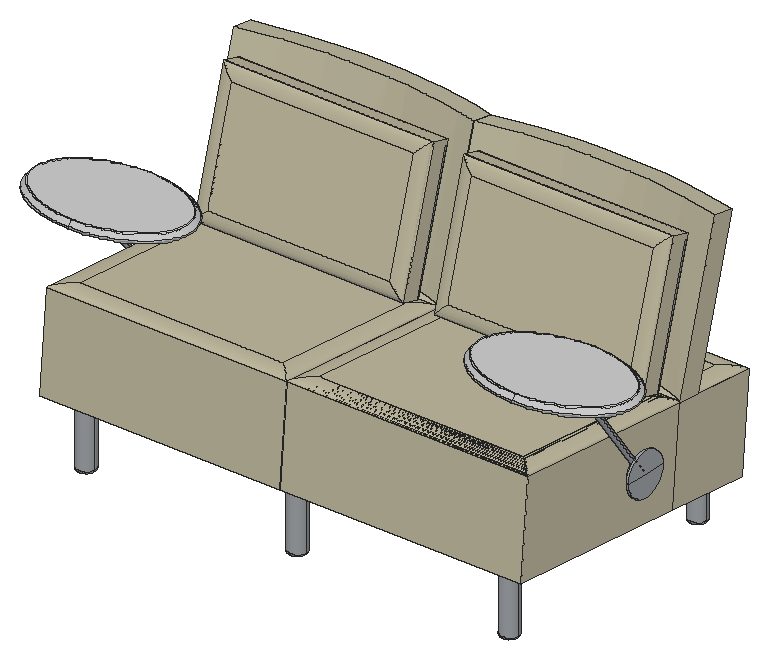
Revit family
Parameters
  URL = "http://www.martinbrattrud.com"
  Table Top [instance] = none
  SCS Certified Product = "Yes"
  Model = "Stonehenge 915-56T"
  Manufacturer = "Martin Brattrud, Inc."
  Leg [instance] = none
  Keynote = "125000"
  Copyright = "© 2013 Martin Brattrud, Inc."
  Chair [instance] = none
  Back Cushion [instance] = none
  Authoring Version = "Revit Architecture 2010"
  Assembly Code = "E2020200"
Reference planes (in)
  plane 1 "Center Front/Back": y = 0
  plane 2: z = 0
  plane 3: x = 13.47209
  plane 4: x = 79.18903
Forms (in)
  Extrusion 1, solid, material <- "Chair"
    sketch origin (0, 0.52946, 5.84845) x (0, -0.995927, 0.090161) y (-1, 0, 0)
      loop
        line (-14.83695, -13.47209) -> (-5.2106, -13.47209) -> (-5.2106, 13.47209) -> (-14.83695, 13.47209) -> (-14.83695, -13.47209)
    from -10.4513 to -0.00014
  Extrusion 2, solid, material <- "Chair"
    sketch origin (0, 10.90822, 4.90887) x (0, 0.995927, -0.090161) y (1, 0, 0)
      loop
        line (-26.7106, 13.47209) -> (-26.7106, -13.47209) -> (-5.2106, -13.47209) -> (-5.2106, 13.47209) -> (-26.7106, 13.47209)
    from -10.4513 to 0.00024
  Sweep 3, solid, material <- "Chair"
    path in 3D
      loop
        line (13.47209, -14.7513, 17.72585) -> (13.47209, 6.66113, 15.7874) -> (-13.47209, 6.66113, 15.7874) -> (-13.47209, -14.7513, 17.72585) -> (13.47209, -14.7513, 17.72585)
    profile origin (0, -14.7513, 17.72585) x (0, 0.995927, -0.090161) y (0, 0.090161, 0.995927)
      loop
        line (2.03125, 0) -> (2.03125, 0.52839)
        spline (2.03125, 0.52839) -> (1.7702, 0.52387) -> (1.51361, 0.51039) -> (1.26588, 0.48817) -> (1.03125, 0.4576) -> (0.81373, 0.4192) -> (0.61704, 0.37363) -> (0.44454, 0.32166) -> (0.2992, 0.2642) -> (0.18349, 0.20221) -> (0.0994, 0.13676) -> (0.04836, 0.06897) -> (0.03125, 0)
        line (0.03125, 0) -> (2.03125, 0)
  Extrusion 4, solid, material <- "Chair"
    sketch origin (0, 0, 0) x (0, 1, 0) y (0, 0, 1)
      loop
        line (4.68579, 16.49677) -> (-12.68069, 18.06895) -> (-12.72833, 17.54271) -> (4.63815, 15.97053) -> (4.68579, 16.49677)
    from -11.44084 to 11.44084
  Sweep 5, solid, material <- "Chair"
    path in 3D
      loop
        line (-13.47209, 16.24828, 14.91948) -> (-13.47209, 6.66113, 15.7874) -> (13.47209, 6.66113, 15.7874) -> (13.47209, 16.24828, 14.91948) -> (-13.47209, 16.24828, 14.91948)
    profile origin (0, 16.24828, 14.91948) x (0, -0.995927, 0.090161) y (0, 0.090161, 0.995927)
      loop
        line (2.03125, 0) -> (2.03125, 0.45358)
        spline (2.03125, 0.45358) -> (1.7702, 0.4497) -> (1.51361, 0.43812) -> (1.26588, 0.41905) -> (1.03125, 0.39281) -> (0.81373, 0.35985) -> (0.61704, 0.32073) -> (0.44454, 0.27612) -> (0.2992, 0.22679) -> (0.18349, 0.17358) -> (0.0994, 0.11739) -> (0.04836, 0.0592) -> (0.03125, 0)
        line (0.03125, 0) -> (2.03125, 0)
  Extrusion 6, solid, material <- "Chair"
    sketch origin (0, 0, 0) x (0, 1, 0) y (0, 0, 1)
      loop
        line (9.98768, 30.76355) -> (8.06607, 31.31925) -> (3.89659, 16.90046) -> (5.81732, 16.34476) -> (9.98768, 30.76355)
    from -11.75 to 11.75
  Sweep 7, solid, material <- "Chair"
    path in 3D
      loop
        line (-11.75, 8.06607, 31.31925) -> (-11.75, 3.89659, 16.90046) -> (11.75, 3.89659, 16.90046) -> (11.75, 8.06607, 31.31925) -> (-11.75, 8.06607, 31.31925)
    profile origin (0, 8.06607, 31.31925) x (0, -0.277789, -0.960642) y (0, -0.960642, 0.277789)
      loop
        line (0.03125, 0) -> (1.53125, 0) -> (1.53125, 0.46962)
        spline (1.53125, 0.46962) -> (1.33546, 0.4656) -> (1.14302, 0.45362) -> (0.95722, 0.43387) -> (0.78125, 0.4067) -> (0.61811, 0.37258) -> (0.47059, 0.33207) -> (0.34122, 0.28589) -> (0.23221, 0.23481) -> (0.14543, 0.17972) -> (0.08236, 0.12155) -> (0.04408, 0.0613) -> (0.03125, 0)
  Extrusion 8, solid, material <- "Chair"
    sketch origin (0, 0, 0) x (0, 1, 0) y (0, 0, 1)
      loop
        line (7.64071, 29.84827) -> (7.18957, 29.97873) -> (3.87082, 18.5019) -> (4.32195, 18.37145) -> (7.64071, 29.84827)
    from -10.21875 to 10.21875
  Extrusion 9, solid, material <- "Back Cushion"
    sketch origin (0, 9.59309, 33.0573) x (0, -0.960379, 0.278698) y (-1, 0, 0)
      loop
        line (-4.43095, -13.47209) -> (-2.03001, -13.47209)
        spline (-2.03001, -13.47209) -> (-2.63308, -11.28001) -> (-3.12847, -9.05886) -> (-3.51491, -6.8144) -> (-3.79139, -4.55239) -> (-3.9572, -2.27868) -> (-4.01191, 0.00086) -> (-3.95539, 2.28035) -> (-3.78777, 4.55391) -> (-3.50949, 6.81568) -> (-3.12128, 9.05981) -> (-2.62412, 11.28053) -> (-2.01931, 13.47209)
        line (-2.01931, 13.47209) -> (-4.42025, 13.47209)
        spline (-4.42025, 13.47209) -> (-5.02507, 11.28053) -> (-5.52222, 9.05981) -> (-5.91044, 6.81568) -> (-6.18872, 4.55391) -> (-6.35633, 2.28035) -> (-6.41286, 0.00086) -> (-6.35814, -2.27868) -> (-6.19233, -4.55239) -> (-5.91585, -6.8144) -> (-5.52942, -9.05886) -> (-5.03403, -11.28001) -> (-4.43095, -13.47209)
    from -2.42207 to 17.57683
  Extrusion 10, void
    sketch origin (0, 0, 0) x (0, 1, 0) y (0, 0, 1)
      loop
        line (16.47346, 31.64061) -> (16.894, 34.06774) -> (11.72108, 34.96404) -> (11.30054, 32.5369) -> (16.47346, 31.64061)
      loop
        line (6.40792, 15.81305) -> (6.22512, 13.81373) -> (12.28534, 13.25965) -> (12.46814, 15.25896) -> (6.40792, 15.81305)
    from -15.22442 to 43.30902
  Extrusion 11, solid, material <- "Leg"
    sketch origin (0, 0, 0) x (1, 0, 0) y (0, 1, 0)
      loop
        circle (-10.25, -13.20254) r 1
      loop
        circle (37.30583, -13.20254) r 1
      loop
        circle (13.47209, -13.20254) r 1
    from 0.25 to 7.25
  Revolve 12, solid, material <- "Leg"
    sketch origin (-10.25, 0, 0) x (0, 1, 0) y (0, 0, 1)
      loop
        line (-12.20254, 0.25) -> (-13.20254, 0.25) -> (-13.20254, 0) -> (-12.45254, 0)
        arc (-12.45254, 0) -> (-12.27577, 0.07322) -> (-12.20254, 0.25) r 0.25
      axis (-13.20254, 0) -> (-13.20254, 0.25)
    angle from 0 to 360
  Revolve 13, solid, material <- "Leg"
    sketch origin (-10.25, 0, 0) x (0, -1, 0) y (0, 0, -1)
      loop
        arc (-12.20254, -0.25) -> (-12.27577, -0.07322) -> (-12.45254, 0) r 0.25
        line (-12.45254, 0) -> (-13.20254, 0) -> (-13.20254, -0.25) -> (-12.20254, -0.25)
      axis (-13.20254, 0) -> (-13.20254, -0.25)
    angle from 0 to 360
  Extrusion 14, solid, material <- "Leg"
    sketch origin (0, 0, 0) x (1, 0, 0) y (0, 1, 0)
      loop
        circle (-10.25, 13.20254) r 1
      loop
        circle (37.30583, 13.20254) r 1
      loop
        circle (13.47209, 13.20254) r 1
    from 0.25 to 4.90693
  Sweep 15, solid, material <- "Chair"
    path in 3D
      loop
        line (11.44084, 8.725, 16.05599) -> (11.44084, 8.68411, 15.60426)
    profile origin (11.44084, 8.70456, 15.83012) x (0, -0.995927, 0.090161) y (-1, 0, 0)
      loop
        line (0, 22.88167) -> (-5.56385, 22.88167) -> (-5.56385, 0) -> (0, 0) -> (0, 22.88167)
  Sweep 16, solid, material <- "Chair"
    path in 3D
      loop
        line (-10.21875, 7.18957, 29.97873) -> (-10.21875, 7.64071, 29.84827)
    profile origin (-10.21875, 7.41514, 29.9135) x (0, -0.277789, -0.960642) y (-1, 0, 0)
      loop
        line (0, 0) -> (0, -20.4375) -> (11.94703, -20.4375) -> (11.94703, 0) -> (0, 0)
  Sweep 17, solid, material <- "Chair"
    path in 3D
      loop
        line (-11.75, 9.98768, 30.76355) -> (-11.75, 5.81771, 16.3449) -> (11.75, 5.81771, 16.3449) -> (11.75, 9.98768, 30.76355) -> (-11.75, 9.98768, 30.76355)
    profile origin (0, 9.98768, 30.76355) x (0, 0.277821, 0.960633) y (0, 0.960633, -0.277821)
      loop
        spline (-0.03125, 0) -> (-0.04408, 0.0613) -> (-0.08236, 0.12155) -> (-0.14543, 0.17972) -> (-0.23221, 0.23481) -> (-0.34122, 0.28589) -> (-0.47059, 0.33207) -> (-0.61811, 0.37258) -> (-0.78125, 0.4067) -> (-0.95722, 0.43387) -> (-1.14302, 0.45362) -> (-1.33546, 0.4656) -> (-1.53125, 0.46962)
        line (-1.53125, 0.46962) -> (-1.53125, 0) -> (-0.03125, 0)
  Extrusion 18, solid, material <- "Chair"
    sketch origin (0, 0.0924, -0.02672) x (0, -0.845649, 0.53374) y (0, -0.53374, -0.845649)
      loop
        line (7.64071, -29.84827) -> (4.32195, -18.37145) -> (3.87082, -18.5019) -> (7.18957, -29.97873) -> (7.64071, -29.84827)
    from -10.21875 to 10.21875
  Sweep 19, solid, material <- "Chair"
    path in 3D
      loop
        line (-10.21875, 9.56227, 29.29258) -> (-10.21875, 10.0134, 29.16211)
    profile origin (-10.21875, 9.78783, 29.22734) x (0, -0.277821, -0.960633) y (-1, 0, 0)
      loop
        line (0, 0) -> (0, -20.4375) -> (11.94703, -20.4375) -> (11.94703, 0) -> (0, 0)
  Extrusion 20, solid, material <- "Back Cushion"
    sketch origin (26.94417, 9.59309, 33.0573) x (0, -0.960379, 0.278698) y (-1, 0, 0)
      loop
        line (-4.39712, -13.58374) -> (-1.99617, -13.58374)
        spline (-1.99617, -13.58374) -> (-2.6071, -11.38386) -> (-3.1095, -9.15441) -> (-3.50206, -6.90118) -> (-3.78375, -4.63004) -> (-3.95384, -2.34689) -> (-4.0119, -0.05768) -> (-3.95776, 2.23163) -> (-3.79157, 4.51509) -> (-3.51376, 6.78675) -> (-3.12506, 9.0407) -> (-2.62648, 11.27108) -> (-2.01931, 13.47209)
        line (-2.01931, 13.47209) -> (-4.42025, 13.47209)
        spline (-4.42025, 13.47209) -> (-5.02742, 11.27108) -> (-5.52601, 9.0407) -> (-5.91471, 6.78675) -> (-6.19252, 4.51509) -> (-6.35871, 2.23163) -> (-6.41284, -0.05768) -> (-6.35479, -2.34689) -> (-6.1847, -4.63004) -> (-5.90301, -6.90118) -> (-5.51045, -9.15441) -> (-5.00805, -11.38386) -> (-4.39712, -13.58374)
    from -2.42207 to 17.57683
  Extrusion 21, solid, material <- "Chair"
    sketch origin (26.94417, 10.90822, 4.90887) x (0, 0.995927, -0.090161) y (1, 0, 0)
      loop
        line (-26.7106, 13.58374) -> (-26.7106, -13.47209) -> (-5.2106, -13.47209) -> (-5.2106, 13.58374) -> (-26.7106, 13.58374)
    from -10.4513 to 0.00024
  Extrusion 22, solid, material <- "Chair"
    sketch origin (26.94417, 0.52946, 5.84845) x (0, -0.995927, 0.090161) y (-1, 0, 0)
      loop
        line (-14.83695, -13.58374) -> (-5.2106, -13.58374) -> (-5.2106, 13.47209) -> (-14.83695, 13.47209) -> (-14.83695, -13.58374)
    from -10.4513 to -0.00014
  Sweep 23, solid, material <- "Chair"
    path in 3D
      loop
        line (40.52791, -14.7513, 17.72585) -> (40.52791, 6.66113, 15.7874) -> (13.47209, 6.66113, 15.7874) -> (13.47209, -14.7513, 17.72585) -> (40.52791, -14.7513, 17.72585)
    profile origin (27, -14.7513, 17.72585) x (0, 0.995927, -0.090161) y (0, 0.090161, 0.995927)
      loop
        line (2.03125, 0) -> (2.03125, 0.52839)
        spline (2.03125, 0.52839) -> (1.7702, 0.52387) -> (1.51361, 0.51039) -> (1.26588, 0.48817) -> (1.03125, 0.4576) -> (0.81373, 0.4192) -> (0.61704, 0.37363) -> (0.44454, 0.32166) -> (0.2992, 0.2642) -> (0.18349, 0.20221) -> (0.0994, 0.13676) -> (0.04836, 0.06897) -> (0.03125, 0)
        line (0.03125, 0) -> (2.03125, 0)
  Extrusion 24, solid, material <- "Chair"
    sketch origin (26.94417, 0, 0) x (0, 1, 0) y (0, 0, 1)
      loop
        line (4.68579, 16.49677) -> (-12.68069, 18.06895) -> (-12.72833, 17.54271) -> (4.63815, 15.97053) -> (4.68579, 16.49677)
    from -11.44084 to 11.55249
  Sweep 25, solid, material <- "Chair"
    path in 3D
      loop
        line (13.47209, 16.24828, 14.91948) -> (13.47209, 6.66113, 15.7874) -> (40.52807, 6.66113, 15.7874) -> (40.52807, 16.24828, 14.91948) -> (13.47209, 16.24828, 14.91948)
    profile origin (27.00008, 16.24828, 14.91948) x (0, -0.995927, 0.090161) y (0, 0.090161, 0.995927)
      loop
        line (2.03125, 0) -> (2.03125, 0.45358)
        spline (2.03125, 0.45358) -> (1.7702, 0.4497) -> (1.51361, 0.43812) -> (1.26588, 0.41905) -> (1.03125, 0.39281) -> (0.81373, 0.35985) -> (0.61704, 0.32073) -> (0.44454, 0.27612) -> (0.2992, 0.22679) -> (0.18349, 0.17358) -> (0.0994, 0.11739) -> (0.04836, 0.0592) -> (0.03125, 0)
        line (0.03125, 0) -> (2.03125, 0)
  Sweep 26, solid, material <- "Chair"
    path in 3D
      loop
        line (38.49682, 8.725, 16.05599) -> (38.49682, 8.68411, 15.60426)
    profile origin (38.49682, 8.70456, 15.83012) x (0, -0.995927, 0.090161) y (-1, 0, 0)
      loop
        line (0, 22.99348) -> (-5.56385, 22.99348) -> (-5.56385, 0) -> (0, 0) -> (0, 22.99348)
  Sweep 27, solid, material <- "Chair"
    path in 3D
      loop
        line (40.41626, -14.7513, 17.72585) -> (40.41626, 6.66113, 15.7874) -> (13.47209, 6.66113, 15.7874) -> (13.47209, -14.7513, 17.72585) -> (40.41626, -14.7513, 17.72585)
    profile origin (26.94417, -14.7513, 17.72585) x (0, 0.995927, -0.090161) y (0, 0.090161, 0.995927)
      loop
        line (2.03125, 0) -> (2.03125, 0.52839)
        spline (2.03125, 0.52839) -> (1.7702, 0.52387) -> (1.51361, 0.51039) -> (1.26588, 0.48817) -> (1.03125, 0.4576) -> (0.81373, 0.4192) -> (0.61704, 0.37363) -> (0.44454, 0.32166) -> (0.2992, 0.2642) -> (0.18349, 0.20221) -> (0.0994, 0.13676) -> (0.04836, 0.06897) -> (0.03125, 0)
        line (0.03125, 0) -> (2.03125, 0)
  Extrusion 28, solid, material <- "Chair"
    sketch origin (26.94417, 0, 0) x (0, 1, 0) y (0, 0, 1)
      loop
        line (4.68579, 16.49677) -> (-12.68069, 18.06895) -> (-12.72833, 17.54271) -> (4.63815, 15.97053) -> (4.68579, 16.49677)
    from -11.44084 to 11.44084
  Extrusion 29, solid, material <- "Chair"
    sketch origin (26.94417, 0, 0) x (0, 1, 0) y (0, 0, 1)
      loop
        line (9.98768, 30.76355) -> (8.06607, 31.31925) -> (3.89659, 16.90046) -> (5.81732, 16.34476) -> (9.98768, 30.76355)
    from -11.75 to 11.75
  Sweep 30, solid, material <- "Chair"
    path in 3D
      loop
        line (15.19417, 8.06607, 31.31925) -> (15.19417, 3.89659, 16.90046) -> (38.69417, 3.89659, 16.90046) -> (38.69417, 8.06607, 31.31925) -> (15.19417, 8.06607, 31.31925)
    profile origin (26.94417, 8.06607, 31.31925) x (0, -0.277789, -0.960642) y (0, -0.960642, 0.277789)
      loop
        line (0.03125, 0) -> (1.53125, 0) -> (1.53125, 0.46962)
        spline (1.53125, 0.46962) -> (1.33546, 0.4656) -> (1.14302, 0.45362) -> (0.95722, 0.43387) -> (0.78125, 0.4067) -> (0.61811, 0.37258) -> (0.47059, 0.33207) -> (0.34122, 0.28589) -> (0.23221, 0.23481) -> (0.14543, 0.17972) -> (0.08236, 0.12155) -> (0.04408, 0.0613) -> (0.03125, 0)
  Extrusion 31, solid, material <- "Chair"
    sketch origin (26.94417, 0, 0) x (0, 1, 0) y (0, 0, 1)
      loop
        line (7.64071, 29.84827) -> (7.18957, 29.97873) -> (3.87082, 18.5019) -> (4.32195, 18.37145) -> (7.64071, 29.84827)
    from -10.21875 to 10.21875
  Extrusion 32, solid, material <- "Back Cushion"
    sketch origin (26.94417, 9.59309, 33.0573) x (0, -0.960379, 0.278698) y (-1, 0, 0)
      loop
        line (-4.39712, -13.58374) -> (-1.99617, -13.58374)
        spline (-1.99617, -13.58374) -> (-2.6071, -11.38386) -> (-3.1095, -9.15441) -> (-3.50206, -6.90118) -> (-3.78375, -4.63004) -> (-3.95384, -2.34689) -> (-4.0119, -0.05768) -> (-3.95776, 2.23163) -> (-3.79157, 4.51509) -> (-3.51376, 6.78675) -> (-3.12506, 9.0407) -> (-2.62648, 11.27108) -> (-2.01931, 13.47209)
        line (-2.01931, 13.47209) -> (-4.42025, 13.47209)
        spline (-4.42025, 13.47209) -> (-5.02742, 11.27108) -> (-5.52601, 9.0407) -> (-5.91471, 6.78675) -> (-6.19252, 4.51509) -> (-6.35871, 2.23163) -> (-6.41284, -0.05768) -> (-6.35479, -2.34689) -> (-6.1847, -4.63004) -> (-5.90301, -6.90118) -> (-5.51045, -9.15441) -> (-5.00805, -11.38386) -> (-4.39712, -13.58374)
    from -2.42207 to 17.57683
  Sweep 33, solid, material <- "Chair"
    path in 3D
      loop
        line (15.19417, 9.98768, 30.76355) -> (15.19417, 5.81771, 16.3449) -> (38.69417, 5.81771, 16.3449) -> (38.69417, 9.98768, 30.76355) -> (15.19417, 9.98768, 30.76355)
    profile origin (26.94417, 9.98768, 30.76355) x (0, 0.277821, 0.960633) y (0, 0.960633, -0.277821)
      loop
        spline (-0.03125, 0) -> (-0.04408, 0.0613) -> (-0.08236, 0.12155) -> (-0.14543, 0.17972) -> (-0.23221, 0.23481) -> (-0.34122, 0.28589) -> (-0.47059, 0.33207) -> (-0.61811, 0.37258) -> (-0.78125, 0.4067) -> (-0.95722, 0.43387) -> (-1.14302, 0.45362) -> (-1.33546, 0.4656) -> (-1.53125, 0.46962)
        line (-1.53125, 0.46962) -> (-1.53125, 0) -> (-0.03125, 0)
  Extrusion 34, solid, material <- "Chair"
    sketch origin (26.94417, 0.0924, -0.02672) x (0, -0.845649, 0.53374) y (0, -0.53374, -0.845649)
      loop
        line (7.64071, -29.84827) -> (4.32195, -18.37145) -> (3.87082, -18.5019) -> (7.18957, -29.97873) -> (7.64071, -29.84827)
    from -10.21875 to 10.21875
  Sweep 35, solid, material <- "Chair"
    path in 3D
      loop
        line (16.72542, 9.56227, 29.29258) -> (16.72542, 10.0134, 29.16211)
    profile origin (16.72542, 9.78783, 29.22734) x (0, -0.277821, -0.960633) y (-1, 0, 0)
      loop
        line (0, 0) -> (0, -20.4375) -> (11.94703, -20.4375) -> (11.94703, 0) -> (0, 0)
  Sweep 36, solid, material <- "Leg"
    path in 3D
      loop
        line (-13.80104, 1.0919, 11.15112) -> (-13.80104, -8.45961, 24.29765)
    profile origin (-13.80104, -3.68385, 17.72438) x (-1, 0, 0) y (0, -0.809017, -0.587785)
      loop
        circle (0, 0) r 0.27955
  Extrusion 37, solid, material <- "Leg"
    sketch origin (0, 0, 0) x (1, 0, 0) y (0, 1, 0)
      loop
        circle (-13.80104, -8.22748) r 2
    from 24.00353 to 24.12853
  Revolve 38, solid, material <- "Leg"
    sketch origin (0, 0, 11.375) x (-1, 0, 0) y (0, 1, 0)
      loop
        line (14.38, -1.5074) -> (14.38, 0.8676) -> (13.47209, 0.8676) -> (13.47209, -1.0074) -> (14.13, -1.0074) -> (14.13, -1.5074) -> (14.38, -1.5074)
      axis (13.47209, 0.8676) -> (14.38, 0.8676)
    angle from 0 to 360
  Sweep 39, solid, material <- "Table Top"
    path in 3D
      loop
        spline (-11.44171, -2.24315, 24.12853) -> (-9.11234, -2.4476, 24.12853) -> (-6.94171, -3.047, 24.12853) -> (-5.07775, -4.00051, 24.12853) -> (-3.64748, -5.24315, 24.12853) -> (-2.74838, -6.69024, 24.12853) -> (-2.44171, -8.24315, 24.12853) -> (-2.74838, -9.79606, 24.12853) -> (-3.64748, -11.24315, 24.12853) -> (-5.07775, -12.48579, 24.12853) -> (-6.94171, -13.4393, 24.12853) -> (-9.11234, -14.03871, 24.12853) -> (-11.44171, -14.24315, 24.12853)
        spline (-11.44171, -14.24315, 24.12853) -> (-13.77108, -14.03871, 24.12853) -> (-15.94171, -13.4393, 24.12853) -> (-17.80567, -12.48579, 24.12853) -> (-19.23594, -11.24315, 24.12853) -> (-20.13504, -9.79606, 24.12853) -> (-20.44171, -8.24315, 24.12853) -> (-20.13504, -6.69024, 24.12853) -> (-19.23594, -5.24315, 24.12853) -> (-17.80567, -4.00051, 24.12853) -> (-15.94171, -3.047, 24.12853) -> (-13.77108, -2.4476, 24.12853) -> (-11.44171, -2.24315, 24.12853)
    profile origin (-20.44171, -8.24315, 24.12853) x (-1, 0, 0) y (0, 0, 1)
      loop
        line (-2.02252, 0.75) -> (-2.02252, 0) -> (-0.14497, 0)
        arc (-0.14497, 0) -> (-0.03102, 0.07363) -> (-0.05131, 0.20778) r 0.125
        line (-0.05131, 0.20778) -> (-0.49321, 0.70778)
        arc (-0.49321, 0.70778) -> (-0.5355, 0.73896) -> (-0.58687, 0.75) r 0.125
        line (-0.58687, 0.75) -> (-2.02252, 0.75)
  Extrusion 40, solid, material <- "Table Top"
    sketch origin (-19.66919, 5.55789, 0) x (0, 1, 0) y (-1, 0, 0)
      loop
        spline (-17.77853, -8.22748) -> (-17.60557, -10.20118) -> (-17.10964, -12.00095) -> (-16.36085, -13.46955) -> (-15.47705, -14.49272) -> (-14.59987, -15.04411) -> (-13.80104, -15.20497) -> (-13.00222, -15.04411) -> (-12.12504, -14.49272) -> (-11.24124, -13.46955) -> (-10.49245, -12.00095) -> (-9.99652, -10.20118) -> (-9.82356, -8.22748)
        spline (-9.82356, -8.22748) -> (-9.99652, -6.25378) -> (-10.49245, -4.45401) -> (-11.24124, -2.98541) -> (-12.12504, -1.96224) -> (-13.00222, -1.41085) -> (-13.80104, -1.25) -> (-14.59987, -1.41085) -> (-15.47705, -1.96224) -> (-16.36085, -2.98541) -> (-17.10964, -4.45401) -> (-17.60557, -6.25378) -> (-17.77853, -8.22748)
    from 24.12853 to 24.87853
  Sweep 41, solid, material <- "Leg"
    path in 3D
      loop
        line (40.74522, 1.0919, 11.15112) -> (40.74522, -8.45961, 24.29765)
    profile origin (40.74522, -3.68385, 17.72438) x (-1, 0, 0) y (0, -0.809017, -0.587785)
      loop
        circle (0, 0) r 0.27955
  Extrusion 42, solid, material <- "Leg"
    sketch origin (26.94417, 0, 0) x (-1, 0, 0) y (0, -1, 0)
      loop
        circle (-13.80104, 8.22748) r 2
    from 24.00353 to 24.12853
  Sweep 43, solid, material <- "Table Top"
    path in 3D
      loop
        spline (38.38589, -2.24315, 24.12853) -> (36.05651, -2.4476, 24.12853) -> (33.88589, -3.047, 24.12853) -> (32.02193, -4.00051, 24.12853) -> (30.59166, -5.24315, 24.12853) -> (29.69255, -6.69024, 24.12853) -> (29.38589, -8.24315, 24.12853) -> (29.69255, -9.79606, 24.12853) -> (30.59166, -11.24315, 24.12853) -> (32.02193, -12.48579, 24.12853) -> (33.88589, -13.4393, 24.12853) -> (36.05651, -14.03871, 24.12853) -> (38.38589, -14.24315, 24.12853)
        spline (38.38589, -14.24315, 24.12853) -> (40.71526, -14.03871, 24.12853) -> (42.88589, -13.4393, 24.12853) -> (44.74985, -12.48579, 24.12853) -> (46.18011, -11.24315, 24.12853) -> (47.07922, -9.79606, 24.12853) -> (47.38589, -8.24315, 24.12853) -> (47.07922, -6.69024, 24.12853) -> (46.18011, -5.24315, 24.12853) -> (44.74985, -4.00051, 24.12853) -> (42.88589, -3.047, 24.12853) -> (40.71526, -2.4476, 24.12853) -> (38.38589, -2.24315, 24.12853)
    profile origin (47.38589, -8.24315, 24.12853) x (-1, 0, 0) y (0, 0, 1)
      loop
        line (2.02252, 0.75) -> (0.58687, 0.75)
        arc (0.58687, 0.75) -> (0.5355, 0.73896) -> (0.49321, 0.70778) r 0.125
        line (0.49321, 0.70778) -> (0.05131, 0.20778)
        arc (0.05131, 0.20778) -> (0.03102, 0.07363) -> (0.14497, 0) r 0.125
        line (0.14497, 0) -> (2.02252, 0) -> (2.02252, 0.75)
  Extrusion 44, solid, material <- "Table Top"
    sketch origin (46.61337, 5.55789, 0) x (0, 1, 0) y (-1, 0, 0)
      loop
        spline (-17.77853, 8.22748) -> (-17.60557, 6.25378) -> (-17.10964, 4.45401) -> (-16.36085, 2.98541) -> (-15.47705, 1.96224) -> (-14.59987, 1.41085) -> (-13.80104, 1.25) -> (-13.00222, 1.41085) -> (-12.12504, 1.96224) -> (-11.24124, 2.98541) -> (-10.49245, 4.45401) -> (-9.99652, 6.25378) -> (-9.82356, 8.22748)
        spline (-9.82356, 8.22748) -> (-9.99652, 10.20118) -> (-10.49245, 12.00095) -> (-11.24124, 13.46955) -> (-12.12504, 14.49272) -> (-13.00222, 15.04411) -> (-13.80104, 15.20497) -> (-14.59987, 15.04411) -> (-15.47705, 14.49272) -> (-16.36085, 13.46955) -> (-17.10964, 12.00095) -> (-17.60557, 10.20118) -> (-17.77853, 8.22748)
    from 24.12853 to 24.87853
  Revolve 45, solid, material <- "Leg"
    sketch origin (26.94417, 0, 11.375) x (1, 0, 0) y (0, 1, 0)
      loop
        line (14.38, -1.5074) -> (14.38, 0.8676) -> (13.47209, 0.8676) -> (13.47209, -1.0074) -> (14.13, -1.0074) -> (14.13, -1.5074) -> (14.38, -1.5074)
      axis (13.47209, 0.8676) -> (14.38, 0.8676)
    angle from 0 to 360
  Revolve 46, solid, material <- "Leg"
    sketch origin (13.44084, 0, 0) x (0, 1, 0) y (0, 0, 1)
      loop
        line (-12.20254, 0.25) -> (-13.20254, 0.25) -> (-13.20254, 0) -> (-12.45254, 0)
        arc (-12.45254, 0) -> (-12.27577, 0.07322) -> (-12.20254, 0.25) r 0.25
      axis (-13.20254, 0) -> (-13.20254, 0.25)
    angle from 0 to 360
  Revolve 47, solid, material <- "Leg"
    sketch origin (37.27458, 0, 0) x (0, 1, 0) y (0, 0, 1)
      loop
        line (-12.20254, 0.25) -> (-13.20254, 0.25) -> (-13.20254, 0) -> (-12.45254, 0)
        arc (-12.45254, 0) -> (-12.27577, 0.07322) -> (-12.20254, 0.25) r 0.25
      axis (-13.20254, 0) -> (-13.20254, 0.25)
    angle from 0 to 360
  Revolve 48, solid, material <- "Leg"
    sketch origin (13.47209, 0, 0) x (0, -1, 0) y (0, 0, -1)
      loop
        arc (-12.20254, -0.25) -> (-12.27577, -0.07322) -> (-12.45254, 0) r 0.25
        line (-12.45254, 0) -> (-13.20254, 0) -> (-13.20254, -0.25) -> (-12.20254, -0.25)
      axis (-13.20254, 0) -> (-13.20254, -0.25)
    angle from 0 to 360
  Revolve 49, solid, material <- "Leg"
    sketch origin (37.30583, 0, 0) x (0, -1, 0) y (0, 0, -1)
      loop
        arc (-12.20254, -0.25) -> (-12.27577, -0.07322) -> (-12.45254, 0) r 0.25
        line (-12.45254, 0) -> (-13.20254, 0) -> (-13.20254, -0.25) -> (-12.20254, -0.25)
      axis (-13.20254, 0) -> (-13.20254, -0.25)
    angle from 0 to 360
Cuts and joins
  Extrusion 10 cuts Extrusion 9
  joined: Sweep 7, Extrusion 8, Sweep 16
  joined: Sweep 17, Extrusion 18, Sweep 19
  joined: Sweep 5, Sweep 15
  Extrusion 10 cuts Extrusion 20
  joined: Sweep 3, Extrusion 4
  joined: Sweep 23, Extrusion 24
  joined: Sweep 25, Sweep 26
  Extrusion 10 cuts Extrusion 32
  joined: Sweep 27, Extrusion 28
  joined: Sweep 30, Extrusion 31
  joined: Sweep 39, Extrusion 40
  joined: Sweep 43, Extrusion 44
Lines and regions (in)
  sketch lines
    curve 1: line (-13.47209, -14.7513, 17.72585) -> (13.47209, -14.7513, 17.72585)
    curve 2: line (-13.47209, 6.66113, 15.7874) -> (-13.47209, -14.7513, 17.72585)
    curve 3: line (13.47209, 6.66113, 15.7874) -> (-13.47209, 6.66113, 15.7874)
    curve 4: line (13.47209, -14.7513, 17.72585) -> (13.47209, 6.66113, 15.7874)
    curve 5: line (11.75, 8.06607, 31.31925) -> (-11.75, 8.06607, 31.31925)
    curve 6: line (-11.75, 3.89659, 16.90046) -> (-11.75, 8.06607, 31.31925)
    curve 7: line (11.75, 3.89659, 16.90046) -> (-11.75, 3.89659, 16.90046)
    curve 8: line (11.75, 8.06607, 31.31925) -> (11.75, 3.89659, 16.90046)
    curve 9: line (13.47209, 16.24828, 14.91948) -> (-13.47209, 16.24828, 14.91948)
    curve 10: line (13.47209, 6.66113, 15.7874) -> (13.47209, 16.24828, 14.91948)
    curve 11: line (-13.47209, 6.66113, 15.7874) -> (13.47209, 6.66113, 15.7874)
    curve 12: line (-13.47209, 16.24828, 14.91948) -> (-13.47209, 6.66113, 15.7874)
    curve 13: line (-10.21875, 7.18957, 29.97873) -> (-10.21875, 7.64071, 29.84827)
    curve 14: line (11.75, 9.98768, 30.76355) -> (-11.75, 9.98768, 30.76355)
    curve 15: line (-11.75, 5.81771, 16.3449) -> (-11.75, 9.98768, 30.76355)
    curve 16: line (11.75, 5.81771, 16.3449) -> (-11.75, 5.81771, 16.3449)
    curve 17: line (11.75, 9.98768, 30.76355) -> (11.75, 5.81771, 16.3449)
    curve 18: line (-10.21875, 9.56227, 29.29258) -> (-10.21875, 10.0134, 29.16211)
    curve 19: line (11.44084, 8.725, 16.05599) -> (11.44084, 8.68411, 15.60426)
    curve 20: line (13.47209, -14.7513, 17.72585) -> (40.52791, -14.7513, 17.72585)
    curve 21: line (13.47209, 6.66113, 15.7874) -> (13.47209, -14.7513, 17.72585)
    curve 22: line (40.52791, 6.66113, 15.7874) -> (13.47209, 6.66113, 15.7874)
    curve 23: line (40.52791, -14.7513, 17.72585) -> (40.52791, 6.66113, 15.7874)
    curve 24: line (40.52807, 16.24828, 14.91948) -> (13.47209, 16.24828, 14.91948)
    curve 25: line (40.52807, 6.66113, 15.7874) -> (40.52807, 16.24828, 14.91948)
    curve 26: line (13.47209, 6.66113, 15.7874) -> (40.52807, 6.66113, 15.7874)
    curve 27: line (13.47209, 16.24828, 14.91948) -> (13.47209, 6.66113, 15.7874)
    curve 28: line (38.49682, 8.725, 16.05599) -> (38.49682, 8.68411, 15.60426)
    curve 29: line (13.47209, -14.7513, 17.72585) -> (40.41626, -14.7513, 17.72585)
    curve 30: line (13.47209, 6.66113, 15.7874) -> (13.47209, -14.7513, 17.72585)
    curve 31: line (40.41626, 6.66113, 15.7874) -> (13.47209, 6.66113, 15.7874)
    curve 32: line (40.41626, -14.7513, 17.72585) -> (40.41626, 6.66113, 15.7874)
    curve 33: line (38.69417, 8.06607, 31.31925) -> (15.19417, 8.06607, 31.31925)
    curve 34: line (15.19417, 3.89659, 16.90046) -> (15.19417, 8.06607, 31.31925)
    curve 35: line (38.69417, 3.89659, 16.90046) -> (15.19417, 3.89659, 16.90046)
    curve 36: line (38.69417, 8.06607, 31.31925) -> (38.69417, 3.89659, 16.90046)
    curve 37: line (38.69417, 9.98768, 30.76355) -> (15.19417, 9.98768, 30.76355)
    curve 38: line (15.19417, 5.81771, 16.3449) -> (15.19417, 9.98768, 30.76355)
    curve 39: line (38.69417, 5.81771, 16.3449) -> (15.19417, 5.81771, 16.3449)
    curve 40: line (38.69417, 9.98768, 30.76355) -> (38.69417, 5.81771, 16.3449)
    curve 41: line (16.72542, 9.56227, 29.29258) -> (16.72542, 10.0134, 29.16211)
    curve 42: line (-13.80104, 1.0919, 11.15112) -> (-13.80104, -8.45961, 24.29765)
    curve 43: spline (-11.44171, -14.24315, 24.12853) -> (-13.77108, -14.03871, 24.12853) -> (-15.94171, -13.4393, 24.12853) -> (-17.80567, -12.48579, 24.12853) -> (-19.23594, -11.24315, 24.12853) -> (-20.13504, -9.79606, 24.12853) -> (-20.44171, -8.24315, 24.12853) -> (-20.13504, -6.69024, 24.12853) -> (-19.23594, -5.24315, 24.12853) -> (-17.80567, -4.00051, 24.12853) -> (-15.94171, -3.047, 24.12853) -> (-13.77108, -2.4476, 24.12853) -> (-11.44171, -2.24315, 24.12853)
    curve 44: spline (-11.44171, -2.24315, 24.12853) -> (-9.11234, -2.4476, 24.12853) -> (-6.94171, -3.047, 24.12853) -> (-5.07775, -4.00051, 24.12853) -> (-3.64748, -5.24315, 24.12853) -> (-2.74838, -6.69024, 24.12853) -> (-2.44171, -8.24315, 24.12853) -> (-2.74838, -9.79606, 24.12853) -> (-3.64748, -11.24315, 24.12853) -> (-5.07775, -12.48579, 24.12853) -> (-6.94171, -13.4393, 24.12853) -> (-9.11234, -14.03871, 24.12853) -> (-11.44171, -14.24315, 24.12853)
    curve 45: line (40.74522, 1.0919, 11.15112) -> (40.74522, -8.45961, 24.29765)
    curve 46: spline (38.38589, -14.24315, 24.12853) -> (40.71526, -14.03871, 24.12853) -> (42.88589, -13.4393, 24.12853) -> (44.74985, -12.48579, 24.12853) -> (46.18011, -11.24315, 24.12853) -> (47.07922, -9.79606, 24.12853) -> (47.38589, -8.24315, 24.12853) -> (47.07922, -6.69024, 24.12853) -> (46.18011, -5.24315, 24.12853) -> (44.74985, -4.00051, 24.12853) -> (42.88589, -3.047, 24.12853) -> (40.71526, -2.4476, 24.12853) -> (38.38589, -2.24315, 24.12853)
    curve 47: spline (38.38589, -2.24315, 24.12853) -> (36.05651, -2.4476, 24.12853) -> (33.88589, -3.047, 24.12853) -> (32.02193, -4.00051, 24.12853) -> (30.59166, -5.24315, 24.12853) -> (29.69255, -6.69024, 24.12853) -> (29.38589, -8.24315, 24.12853) -> (29.69255, -9.79606, 24.12853) -> (30.59166, -11.24315, 24.12853) -> (32.02193, -12.48579, 24.12853) -> (33.88589, -13.4393, 24.12853) -> (36.05651, -14.03871, 24.12853) -> (38.38589, -14.24315, 24.12853)
